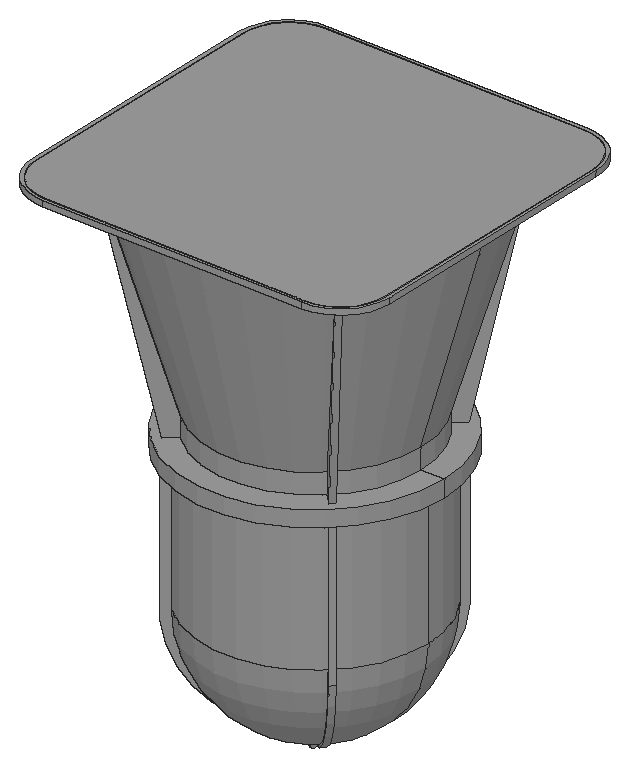
Revit family "AH42-212-BSG", category Communication Devices, Revit 2014
Parameters (values of type "Full-Range, Outdoor, Horn Loudspeaker")
  Width = 32.53"
  Weight Product = 300
  Warranty = "5 Year"
  Vertical Symmetry = yes
  URL = "www.atlassound.com"
  Transformer Option = yes
  Specification by User (default) = "TBD"
  Speaker Type = "S1"
  Speaker Listening Height [instance] = 30.00"
  Speaker Height [instance] = 120.00"
  Speaker Dispersion [instance] = 40.00°
  Speaker Cone Visible [instance] = no
  Speaker Cone Height [instance] = (Speaker Height - Speaker Listening Height)  # 90.00"
  Sensitivity = 106
  ScheduleType |RF| = "AtlasIED Master"
  SPL Max = 134.5
  Rotation = 0.00°
  Radius of Speaker Cone [instance] = (Speaker Cone Height) * tan(Speaker Dispersion / 2)  # 32.75732"
  Product Page URL = "https://www.atlasied.com/ah42-212-bsg"
  Product Documentation Link = "https://www.atlasied.com/f/3921/ah212-data-sheet.pdf"
  Power Rating (RMS) = "750 Watts"
  Power Handling = 750
  Pitch = 0.00°
  OmniClass Title = "SPEAKERS"
  OmniClass Number = "23-37 17 13 19"
  Mount Material = Default
  Model = "AH42-212-BSG"
  Minimum Impedence = "4.9Ω @ 80Hz"
  Maximum Output = "128dB"
  MaterFormat Title = "SPEAKERS"
  MasterFormat = "27 41 13"
  Market = "Commercial, Higher Education, Emergency"
  Manufacturer URL = "https://www.atlasied.com"
  Manufacturer Phone = "(800) 876 - 3333"
  Manufacturer Email = "support@atlasied.com"
  Manufacturer Address = "4545 E. Baseline Rd., Phoenix, AZ 85042"
  Manufacturer = "ATLAS SOUND"
  Input Connectors = "Barrier Terminal, Transformer/ 4Ω Direct"
  Ingress Protection = "IP45 When Tilted 5° Downwards"
  Impedance = 8
  IQ Category = "SPEAKERS"
  Height = 32.53"
  Grill Material = QF_Plastic - Black - Fine Textured
  Frequency Response  = "100Hz - 17kHz (-10 to +4dB)"
  Family Version [instance] = "2017-01"
  Family Code (default) = "LOUD SPEAKERS"
  Enclosure Material = none
  Dispersion Angle = 40.00°
  Description = "3-WAY STADIUM HORN LOUDSPEAKER WITH 40° X 20° COVERAGE PATTERN"
  Depth = 47.68"
  Coverage Vertical = 40.00°
  Coverage Horizontal = 20.00°
  Cost MSRP = 2802.99
  Cost = 2802.99
  Color = none
  Body Material = Default
  Baffle Material = none
  70V Taps = "32.00 W"
  100V Taps = "32.00 W"
Reference planes (in)
  plane 1 "Center (Front/Back)": y = 0
  plane 2: z = 0
  plane 3 "Center (Left/Right)": x = 0
  plane 4: x = 16.265
  plane 5: x = -16.265
  plane 6: z = 47.67703
  plane 7: y = 16.265
  plane 8: y = -16.265
  plane 9: z = -47.17414
Forms (in)
  Extrusion 1, solid, material "QF_Plastic - Black - Fine Textured" <- "Grill Material"
    sketch origin (-5.92266, 21.61, 0.50586) x (0, 1, 0) y (1, 0, 0)
      loop
        arc (-9.79325, -10.01834) -> (-6.87767, -8.81067) -> (-5.67, -5.89509) r 4.12325
        line (-5.67, -5.89509) -> (-5.67, 17.73941)
        arc (-5.67, 17.73941) -> (-6.87767, 20.65499) -> (-9.79325, 21.86266) r 4.12325
        line (-9.79325, 21.86266) -> (-33.42725, 21.86266)
        arc (-33.42725, 21.86266) -> (-36.34283, 20.65499) -> (-37.5505, 17.73941) r 4.12325
        line (-37.5505, 17.73941) -> (-37.5505, -5.89509)
        arc (-37.5505, -5.89509) -> (-36.34283, -8.81067) -> (-33.42725, -10.01834) r 4.12325
        line (-33.42725, -10.01834) -> (-9.79325, -10.01834)
    from 0 to 0.50586
  Extrusion 2, solid, material "Default" <- "Body Material"
    sketch origin (18.66004, -18.66055, -13.86914) x (0, 0, -1) y (-0.707107, 0.707107, 0)
      loop
        line (-13.86914, 10.63229) -> (7.21256, 15.36323) -> (7.21256, 17.22052) -> (-13.86914, 10.88595) -> (-13.86914, 10.63229)
      loop
        line (8.71256, 15.265) -> (22.08003, 15.265)
        arc (22.08003, 15.265) -> (28.34154, 18.2525) -> (31.38908, 24.485) r 10.53846
        arc (31.38908, 24.485) -> (28.02782, 19.01564) -> (22.14389, 16.44828) r 10.7178
        line (22.14389, 16.44828) -> (8.71256, 16.44828) -> (8.71256, 15.265)
      loop
        line (-13.86914, 42.14771) -> (-13.86914, 41.89405) -> (7.21256, 35.55948) -> (7.21256, 37.41677) -> (-13.86914, 42.14771)
      loop
        line (8.71256, 37.515) -> (8.71256, 36.33172) -> (22.14389, 36.33172)
        arc (22.14389, 36.33172) -> (28.02782, 33.76436) -> (31.38908, 28.295) r 10.7178
        arc (31.38908, 28.295) -> (28.34154, 34.5275) -> (22.08003, 37.515) r 10.53846
        line (22.08003, 37.515) -> (8.71256, 37.515)
    from -0.25 to 0.25
  Extrusion 3, solid, material "Default" <- "Body Material"
    sketch origin (-5.92266, 21.61, 0.50586) x (0, 1, 0) y (1, 0, 0)
      loop
        line (-5.345, -5.89509) -> (-5.345, 17.73941)
        arc (-5.345, 17.73941) -> (-6.64786, 20.8848) -> (-9.79325, 22.18766) r 4.44825
        line (-9.79325, 22.18766) -> (-33.42675, 22.18766)
        arc (-33.42675, 22.18766) -> (-36.57214, 20.8848) -> (-37.875, 17.73941) r 4.44825
        line (-37.875, 17.73941) -> (-37.875, -5.89509)
        arc (-37.875, -5.89509) -> (-36.57214, -9.04048) -> (-33.42675, -10.34334) r 4.44825
        line (-33.42675, -10.34334) -> (-9.79325, -10.34334)
        arc (-9.79325, -10.34334) -> (-6.64786, -9.04048) -> (-5.345, -5.89509) r 4.44825
      loop
        arc (-37.5505, -5.89509) -> (-36.34283, -8.81067) -> (-33.42725, -10.01834) r 4.12325
        line (-33.42725, -10.01834) -> (-9.79325, -10.01834)
        arc (-9.79325, -10.01834) -> (-6.87767, -8.81067) -> (-5.67, -5.89509) r 4.12325
        line (-5.67, -5.89509) -> (-5.67, 17.73941)
        arc (-5.67, 17.73941) -> (-6.87767, 20.65499) -> (-9.79325, 21.86266) r 4.12325
        line (-9.79325, 21.86266) -> (-33.42725, 21.86266)
        arc (-33.42725, 21.86266) -> (-36.34283, 20.65499) -> (-37.5505, 17.73941) r 4.12325
        line (-37.5505, 17.73941) -> (-37.5505, -5.89509)
    from 0 to 0.50586
  Extrusion 4, solid, material "Default" <- "Body Material"
    sketch origin (-5.92266, 21.61, 0) x (0, 1, 0) y (-1, 0, 0)
      loop
        arc (-5.67, 5.89509) -> (-6.87767, 8.81067) -> (-9.79325, 10.01834) r 4.12325
        line (-9.79325, 10.01834) -> (-33.42725, 10.01834)
        arc (-33.42725, 10.01834) -> (-36.34283, 8.81067) -> (-37.5505, 5.89509) r 4.12325
        line (-37.5505, 5.89509) -> (-37.5505, -17.73941)
        arc (-37.5505, -17.73941) -> (-36.34283, -20.65499) -> (-33.42725, -21.86266) r 4.12325
        line (-33.42725, -21.86266) -> (-9.79325, -21.86266)
        arc (-9.79325, -21.86266) -> (-6.87767, -20.65499) -> (-5.67, -17.73941) r 4.12325
        line (-5.67, -17.73941) -> (-5.67, 5.89509)
    from 0 to 0.13
  Revolve 5, solid, material "Default" <- "Body Material"
    sketch origin (-0.0005, 0, -13.86914) x (1, 0, 0) y (0, 0, -1)
      loop
        arc (0, 31.58756) -> (-7.33623, 28.54879) -> (-10.375, 21.21256) r 10.375
        line (-10.375, 21.21256) -> (-10.375, 8.71256) -> (-11.875, 8.71256) -> (-11.875, 7.21256) -> (-9.72481, 7.21256) -> (-9.72481, 5.36439) -> (-15.50405, -13.86914) -> (0, -13.86914) -> (0, 31.58756)
      axis (0, -13.86914) -> (0, 31.58756)
    angle from 0 to 360
  Extrusion 6, solid, material "Default" <- "Body Material"
    sketch origin (-0.0005, -13.625, -12.29202) x (0, 0, -1) y (0, 1, 0)
      loop
        line (33.62212, 13.875) -> (33.1621, 13.875) -> (33.1621, 13.375) -> (33.62212, 13.375)
        arc (33.62212, 13.375) -> (34.87915, 13.625) -> (33.62212, 13.875) r 0.65338
      loop
        circle (34.22578, 13.625) r 0.40338
    from -0.08174 to 0.07955
  Extrusion 7, solid, material "Default" <- "Body Material"
    sketch origin (-18.66105, -18.66055, -13.86914) x (0, 0, -1) y (-0.707107, -0.707107, 0)
      loop
        line (-13.86914, -10.63229) -> (-13.86914, -10.88595) -> (7.21256, -17.22052) -> (7.21256, -15.36323) -> (-13.86914, -10.63229)
      loop
        line (8.71256, -15.265) -> (8.71256, -16.44828) -> (22.14389, -16.44828)
        arc (22.14389, -16.44828) -> (28.02782, -19.01564) -> (31.38908, -24.485) r 10.7178
        arc (31.38908, -24.485) -> (28.34154, -18.2525) -> (22.08003, -15.265) r 10.53846
        line (22.08003, -15.265) -> (8.71256, -15.265)
      loop
        line (-13.86914, -42.14771) -> (7.21256, -37.41677) -> (7.21256, -35.55948) -> (-13.86914, -41.89405) -> (-13.86914, -42.14771)
      loop
        line (8.71256, -37.515) -> (22.08003, -37.515)
        arc (22.08003, -37.515) -> (28.34154, -34.5275) -> (31.38908, -28.295) r 10.53846
        arc (31.38908, -28.295) -> (28.02782, -33.76436) -> (22.14389, -36.33172) r 10.7178
        line (22.14389, -36.33172) -> (8.71256, -36.33172) -> (8.71256, -37.515)
    from -0.25 to 0.25
  Blend 8, solid, material "Glass", visible <- "Speaker Cone Visible"
    base sketch origin (0, 0, 0) x (1, 0, 0) y (0, 1, 0)
      loop
        circle (0, 0.09521) r 32.75732
    top sketch origin (0, 0, 0) x (1, 0, 0) y (0, 1, 0)
      loop
        circle (0, 0.09521) r 0.13513
    from 90 <- "Speaker Cone Height" to 0
Lines and regions (in)
  symbolic lines, style "Sound Projection Average", visible <- "Speaker Cone Visible"
    curve 1: circle (0, 0.09521, 0) r 32.75732 normal (0, 0, 1)
Dimensions and locks (in)
  Extrusion 3 to plane 9 = 47.68"
  "Radius of Speaker Cone": radius of Blend 8 sketch curve
  aligned and locked: plane 2 to level
Nested families (in)
  nested 1: "Speaker Annotation" at (0, 0, 0), Speaker Type <- "Speaker Type", type "Data Annotation"
    with Speaker Type "S1"
Definition of nested family "Speaker Annotation"
  Parameters (values of type "Data Annotation")
    Speaker Type [instance] = ""
  Reference planes (in)
    plane 1: y = 0
    plane 2: x = 0
  Lines and regions (in)
    detail lines, style "Data Device"
      curve 1: circle (-0.00295, 0.00032, 0) r 0.09489 normal (0, 0, 1)
  Text (in)
    label "S1" at (0.00193, -0.00496, 0), shows "Speaker Type"
